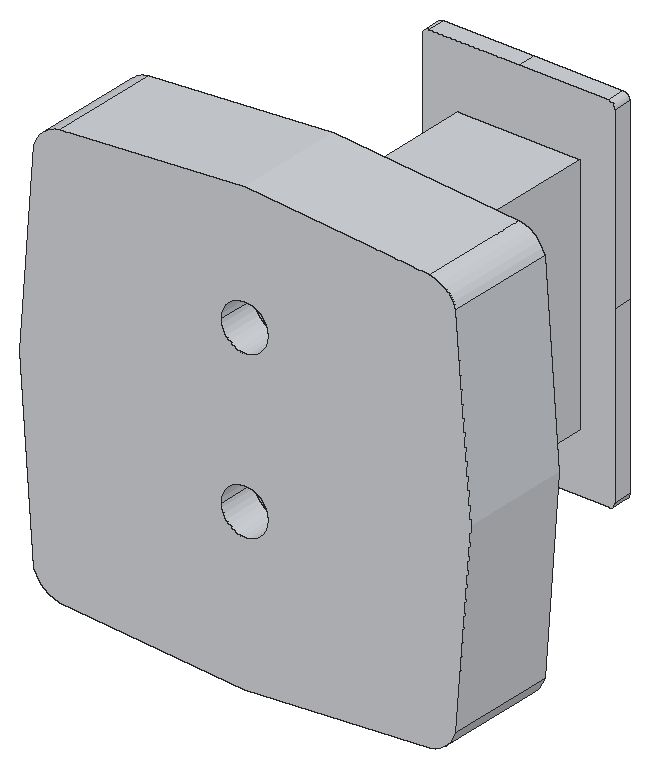
Revit family "AX8207_0017", category Appareils sanitaires, Revit 2016
Family settings
  Hôte = Mur
  Type d'élément = Normal
  Cote de connecteur circulaire = Utiliser le diamètre
  Numéro OmniClass = 23.75.00.00
  Titre OmniClass = Climate Control (HVAC)
  Toujours verticalement = Oui
  Couper avec des vides une fois chargée = Non
  Partagée = Non
  Point de calcul de pièce = Non
Parameters (values of type "Type 1")
  URL = "https://www.axeuro.com/fr/fixations-invisibles/15272-patere-ax8207.html"
  Type de produit / Type of product = "Patère / Hook"  # constant formula
  Référence / Reference = "AX8207, AX8207P, AX8207-MBK"  # constant formula
  Model = ""
  Manufacturer = ""
  Entreprise / Company = "Axeuro"  # constant formula
  Description = ""
Reference planes
  plane 1 "Mur": y = 0
  plane 2 "Centre (gauche/droite)": x = 0
  plane 3 "Arrière": y = 75
Forms (mm)
  Extrusion 1, solid
    sketch origin (-1237.13, 75, -141.209) x (1, 0, 0) y (0, 0, 1)
      loop
        arc (1260.53, 1837.185) -> (1259.445, 1838.845) -> (1257.639, 1839.667) r 3.559
        arc (1257.639, 1839.667) -> (1237.13, 1841.152) -> (1216.621, 1839.667) r 142.327
        arc (1216.621, 1839.667) -> (1214.816, 1838.845) -> (1213.73, 1837.185) r 3.559
        arc (1213.73, 1837.185) -> (1212.128, 1816.152) -> (1213.73, 1795.119) r 138.864
        arc (1213.73, 1795.119) -> (1214.816, 1793.459) -> (1216.621, 1792.637) r 3.559
        arc (1216.621, 1792.637) -> (1237.13, 1791.152) -> (1257.639, 1792.637) r 142.327
        arc (1257.639, 1792.637) -> (1259.445, 1793.459) -> (1260.53, 1795.119) r 3.559
        arc (1260.53, 1795.119) -> (1262.129, 1816.152) -> (1260.53, 1837.185) r 139.104
    from -12.275 to 0
  Extrusion 2, solid
    sketch origin (5.082, 75, -2.306) x (1, 0, 0) y (0, 0, 1)
      loop
        line (1.655, 1690.699) -> (-11.819, 1690.699) -> (-11.819, 1663.799) -> (1.655, 1663.799) -> (1.655, 1690.699)
    from -38 to -12.275
  Extrusion 3, void
    sketch origin (0, 0, 0) x (1, 0, 0) y (0, 0, 1)
      loop
        circle (0, 1686) r 2.6
    from -79.516 to -75
  Extrusion 4, void
    sketch origin (0, 0, -18.3) x (1, 0, 0) y (0, 0, 1)
      loop
        circle (0, 1686) r 2.6
    from -79.516 to -75
  Extrusion 5, solid
    sketch origin (0, 75, 0.979) x (1, 0, 0) y (0, 0, 1)
      loop
        arc (10.7, 1693.722) -> (10.485, 1694.242) -> (9.965, 1694.457) r 0.735
        line (9.965, 1694.457) -> (0, 1694.457) -> (-9.965, 1694.457)
        arc (-9.965, 1694.457) -> (-10.485, 1694.242) -> (-10.7, 1693.722) r 0.735
        line (-10.7, 1693.722) -> (-10.7, 1673.964) -> (-10.7, 1654.693)
        arc (-10.7, 1654.693) -> (-10.485, 1654.173) -> (-9.965, 1653.957) r 0.735
        line (-9.965, 1653.957) -> (0, 1653.957) -> (9.965, 1653.957)
        arc (9.965, 1653.957) -> (10.485, 1654.173) -> (10.7, 1654.693) r 0.735
        line (10.7, 1654.693) -> (10.7, 1673.964) -> (10.7, 1693.722)
    from -40 to -38
Cuts and joins
  Extrusion 3, Extrusion 4 cuts Extrusion 1
Text (mm)
  text "Côté de la mise en place" at (-1820.995, 1116.779, 0), in view "Niveau de réf."
  text "Côté de la mise en place" at (0, 1334.055, 2976.191), in view "Gauche"
  text "Côté de la mise en place" at (0, 439.194, 2944.362), in view "Droite"
Dimensions and locks
  locked: plane 3 "Arrière" to host wall
  aligned and locked: plane 1 "Mur" to host wall
